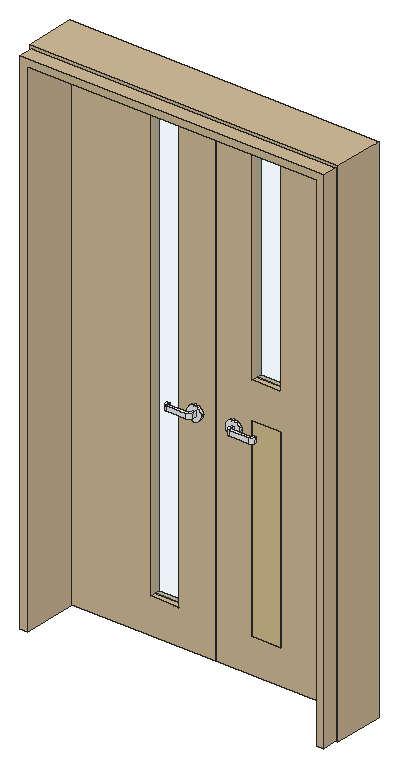
Revit family "Dor_木製-両開き戸", category ドア, Revit 2020
Family settings
  ホスト = 壁
  常に垂直 = はい
  ロード時にボイドで切り取り = はい
  共有 = いいえ
  部屋計算ポイント = いいえ
Parameters (values of type "木製-両開き戸")
  開口逃げ位置表示 [instance] = no
  金物_施錠方式(外) = ""
  金物_施錠方式(内) = ""
  金物_支持金物 = ""
  金物_操作金物 = ""
  金物_戸当り = ""
  金物_固定金物 = ""
  金物_フランス落し = ""
  金物_クローザー = ""
  逃げ_左 = 60 mm
  逃げ_右 = 60 mm
  解析用性能 = "<なし>"
  符号_建具記号 = ""
  符号_建具番号 = ""
  法_随時閉鎖 = yes
  法_防火性能 = ""
  法_遮煙 = yes
  法_常時閉鎖 = yes
  文字_ガラス厚 = ""
  建枠下延長 [instance] = 0 mm
  ラベル_遮煙 = if(法_遮煙, "S", " ")  # "S"
  ラベル_法囲み = if(法_常時閉鎖, "□", if(法_随時閉鎖, "〇", " "))  # "□"
  ドアパネルタイプ2 = DP_スリット窓 : スリット窓
  ドアパネルタイプ1 = DP_スリット窓+ガラリ : スリット窓+ガラリ
  スリット/小窓位置：戸先 [instance] = yes
  ガラス厚 = 6 mm
  オフセット_外側 [instance] = 50 mm
  calc_逃げ位置 [instance] = if(bWallThicknessOffset, calc_壁芯ずれ, 0 mm)  # 0 mm
  次による断熱プロパティの定義 = スキーマティック タイプ
  枠見付内_F01 = 30 mm
  calc_枠見込内 [instance] = if(and(枠ちり内 = 0 mm, オフセット_内側 = 0 mm), 1 mm, 0 mm)  # 0 mm
  calc_枠見付内 = if(枠タイプ = 1, 枠見付内_F01, if(枠タイプ = 2, 枠見付 + 戸当見付, if(枠タイプ = 3, 枠見付 + 戸当見付, 枠見付)))  # 30 mm
  文字_額縁材質 = ""
  文字_額縁仕上 = ""
  文字_沓摺材質 = ""
  文字_沓摺仕上 = ""
  文字_枠材質 = ""
  文字_枠仕上 = ""
  文字_建具材質 = ""
  文字_建具仕上 = ""
  文字_取付場所 = ""
  文字_備考 = ""
  文字_パネル厚 = ""
  文字_ガラリ材質 = ""
  文字_ガラリ仕上 = ""
  文字_ガラス材質 = ""
  文字_アンダーカット = ""
  性能_遮音 = ""
  性能_気密 = ""
  形状_沓摺形状 = ""
  形状_枠形状 = ""
  形状_建具形式 = ""
  形状_ガラリ形状 = ""
  仕上げ厚 [instance] = 0 mm
  calc_壁芯ずれ [instance] = オフセット_内側 / 2 + オフセット_外側 / 2  # 50 mm
  calc_仕上げ厚 [instance] = if(and(オフセット_内側 = 0 mm, 仕上げ厚 = 0 mm), 11 mm, 仕上げ厚)  # 0 mm
  マテリアル_沓摺 = none
  マテリアル_枠 = 木目 - ナチュラル
  マテリアル_パネル = 木目 - ナチュラル
  マテリアル_ガラリ = TD_ガラリ_簡易表示(木製)
  マテリアル_ガラス = ガラス - 透明
  パネル幅2 = パネル幅1 + LOCK  # 615 mm
  パネル幅1 = 幅 / 2 + 戸当見付  # 615 mm
  calc_パネル中心位置 = パネル厚 / 2 + LOCK  # 22.5 mm
  ハンドル表示 [instance] = yes
  Keynote = ""
  オフセット_内側 [instance] = 50 mm
  bWallThicknessOffset = no
  W寸法 = 1200 mm
  LOCK = 0 mm  # constant formula
  H寸法 = 2100 mm
  F02_片ひばた2 = 枠タイプ = 2  # no
  Function = (empty or 0)
  Description = ""
  枠タイプ = 1
  Rough Width = 0 mm
  高さ = H寸法 + LOCK  # 2100 mm
  枠見付 = 25 mm
  枠ちり外 = 10 mm
  枠ちり内 = 10 mm
  ハンドル_高さ = 900 mm
  ハンドル_オフセット = 80 mm
  戸当見込 = 20 mm
  戸当見付 = 15 mm
  Construction Type = ""
  Wall Closure = (empty or 0)
  幅 = W寸法 + LOCK  # 1200 mm
  Rough Height = 0 mm
  パネル高 = 高さ + 戸当見付 - アンダーカット  # 2110 mm
  パネル幅 = (幅 + 戸当見付 * 2) / 2  # 615 mm
  パネル厚 = 45 mm
  アンダーカット = 5 mm
  F01_片ひばた1 = 枠タイプ = 1  # yes
  F03_両ひばた = 枠タイプ = 3  # no
Reference planes
  plane 1: y = 0
  plane 2 "中心(左/右)": x = 0
  plane 3 "EXT.": y = 75
  plane 4 "内壁": y = -75
  plane 5 "左": x = -600
  plane 6 "右": x = 600
  plane 7 "上側": z = 2100
  plane 8: z = 0
  plane 9 "枠ちり外": y = 135
  plane 10 "左扉位置": x = -615
  plane 11 "枠外側左": x = -640
  plane 12 "枠内側左": x = -630
  plane 13 "仕上げ厚": y = -75
  plane 14 "右扉位置": x = 615
  plane 15 "枠外側右": x = 640
  plane 16 "枠内側右": x = 630
  plane 17: z = 2115
  plane 18 "枠見付_上": z = 2140
  plane 19 "枠見付内_上": z = 2130
  plane 20: y = 90
  plane 21: y = 70
  plane 22: x = -630
  plane 23: x = 630
  plane 24: z = 5
  plane 25 "オフセット": y = -125
  plane 26 "枠ちり内": y = -135
  plane 27 "パネル中心": y = 112.5
  plane 28: y = 65
  plane 29: y = -115
  plane 30: z = 2130
  plane 31: y = 65
  plane 32: y = -115
  plane 33 "枠見込み内": y = -75
  plane 34: y = -130
  plane 35: y = 112.5
  plane 36 "壁芯": y = -50
  plane 37: x = 307.5
  plane 38: x = -307.5
  plane 39: x = -80
  plane 40: x = 80
  plane 41: z = 900
  plane 42 "建枠下延長": z = 0
  plane 43: x = -645
  plane 44: x = 645
  plane 45 "オフセット外側": y = 125
  plane 46 "逃げ位置": y = 0
Forms (mm)
  Extrusion 1, void
    sketch origin (0, 0, 0) x (1, 0, 0) y (0, 1, 0)
      loop
        line (-630, -125) -> (630, -125) -> (630, -75) -> (-630, -75) -> (-630, -125)
    from 0 to 2130
  Extrusion 2, void
    sketch origin (0, 0, 0) x (1, 0, 0) y (0, 1, 0)
      loop
        line (-640, 75) -> (-640, -75) -> (640, -75) -> (640, 75) -> (-640, 75)
    from 0 to 2140
  Sweep 3, solid, material "木目 - ナチュラル" <- "マテリアル_枠", visible <- "F01_片ひばた1"
    path origin (0, 75, 0) x (1, 0, 0) y (0, 0, 1)
      loop
        line (600, 0) -> (600, 2100) -> (-600, 2100) -> (-600, 0)
    profile origin (600, 75, 1050) x (-1, 0, 0) y (0, -1, 0)
      loop
        line (-40, -60) -> (-15, -60) -> (-15, -15) -> (0, -15) -> (0, 210) -> (-30, 210) -> (-30, 150) -> (-40, 150) -> (-40, -60)
  Sweep 4, solid, material "木目 - ナチュラル" <- "マテリアル_枠", visible <- "F02_片ひばた2"
    path origin (0, 75, 0) x (1, 0, 0) y (0, 0, 1)
      loop
        line (600, 0) -> (600, 2100) -> (-600, 2100) -> (-600, 0)
    profile origin (600, 75, 1050) x (-1, 0, 0) y (0, -1, 0)
      loop
        line (-40, -60) -> (-15, -60) -> (-15, -15) -> (0, -15) -> (0, 210) -> (-40, 210) -> (-40, -60)
  Sweep 5, solid, material "木目 - ナチュラル" <- "マテリアル_枠", visible <- "F03_両ひばた"
    path origin (0, 75, 0) x (1, 0, 0) y (0, 0, 1)
      loop
        line (600, 0) -> (600, 2100) -> (-600, 2100) -> (-600, 0)
    profile origin (600, 75, 1050) x (-1, 0, 0) y (0, -1, 0)
      loop
        line (-40, -60) -> (-15, -60) -> (-15, -15) -> (0, -15) -> (0, 5) -> (-15, 5) -> (-15, 210) -> (-40, 210) -> (-40, -60)
Lines and regions (mm)
  Masking region 1
    outline origin (0, 0, 0) x (0, 1, 0) y (0, 0, 1)
      loop
        line (135, 2115) -> (90, 2115) -> (90, 5) -> (135, 5) -> (135, 2115)
  Masking region 2, visible <- "F02_片ひばた2"
    outline origin (0, 0, 0) x (0, 1, 0) y (0, 0, 1)
      loop
        line (65, 2130) -> (-115, 2130) -> (-135, 2130) -> (-135, 2100) -> (90, 2100) -> (90, 2115) -> (135, 2115) -> (135, 2130) -> (65, 2130)
  Masking region 3, visible <- "F02_片ひばた2"
    outline origin (0, 0, 0) x (0, 1, 0) y (0, 0, 1)
      loop
        line (90, 2100) -> (-135, 2100) -> (-135, 0) -> (90, 0) -> (90, 3) -> (90, 5) -> (90, 2100)
  Masking region 4, visible <- "F01_片ひばた1"
    outline origin (0, 0, 0) x (0, 1, 0) y (0, 0, 1)
      loop
        line (90, 2100) -> (-135, 2100) -> (-135, 0) -> (90, 0) -> (90, 3) -> (90, 5) -> (90, 2100)
  Masking region 5, visible <- "F01_片ひばた1"
    outline origin (0, 0, 0) x (0, 1, 0) y (0, 0, 1)
      loop
        line (65, 2140) -> (-75, 2140) -> (-75, 2130) -> (-115, 2130) -> (-135, 2130) -> (-135, 2100) -> (90, 2100) -> (90, 2115) -> (135, 2115) -> (135, 2140) -> (65, 2140)
  Masking region 6, visible <- "F03_両ひばた"
    outline origin (0, 0, 0) x (0, 1, 0) y (0, 0, 1)
      loop
        line (-135, 2115) -> (-135, 0) -> (90, 0) -> (90, 3) -> (90, 5) -> (90, 2100) -> (70, 2100) -> (70, 2115) -> (-135, 2115)
  Masking region 7, visible <- "F03_両ひばた"
    outline origin (0, 0, 0) x (0, 1, 0) y (0, 0, 1)
      loop
        line (65, 2130) -> (-115, 2130) -> (-135, 2130) -> (-135, 2115) -> (70, 2115) -> (70, 2100) -> (90, 2100) -> (90, 2115) -> (135, 2115) -> (135, 2130) -> (65, 2130)
  Masking region 8, visible <- "F01_片ひばた1", detail levels medium+fine
    outline origin (0, 0, 0) x (1, 0, 0) y (0, 1, 0)
      loop
        line (-640, -75) -> (-630, -75) -> (-630, -135) -> (-600, -135) -> (-600, 90) -> (-615, 90) -> (-615, 135) -> (-640, 135) -> (-640, -75)
      loop
        line (640, -75) -> (640, 135) -> (615, 135) -> (615, 90) -> (600, 90) -> (600, -135) -> (630, -135) -> (630, -75) -> (640, -75)
  Masking region 9, visible <- "F02_片ひばた2", detail levels medium+fine
    outline origin (0, 0, 0) x (1, 0, 0) y (0, 1, 0)
      loop
        line (-640, -135) -> (-600, -135) -> (-600, 90) -> (-615, 90) -> (-615, 135) -> (-640, 135) -> (-640, -135)
      loop
        line (640, -135) -> (640, 135) -> (615, 135) -> (615, 90) -> (600, 90) -> (600, -135) -> (640, -135)
  Masking region 10, detail levels coarse
    outline origin (0, 0, 0) x (1, 0, 0) y (0, 1, 0)
      loop
        line (-600, -130) -> (600, -130) -> (600, -125) -> (600, 125) -> (600, 130) -> (-600, 130) -> (-600, 125) -> (-600, -125) -> (-600, -130)
  Masking region 11, detail levels coarse
    outline origin (0, 0, 0) x (1, 0, 0) y (0, 1, 0)
      loop
        line (-645, 125) -> (-645, -125) -> (-600, -125) -> (-600, 125) -> (-645, 125)
      loop
        line (645, 125) -> (600, 125) -> (600, -125) -> (645, -125) -> (645, 125)
  Masking region 12, visible <- "F03_両ひばた", detail levels medium+fine
    outline origin (0, 0, 0) x (1, 0, 0) y (0, 1, 0)
      loop
        line (-640, -135) -> (-615, -135) -> (-615, 70) -> (-600, 70) -> (-600, 90) -> (-615, 90) -> (-615, 135) -> (-640, 135) -> (-640, -135)
      loop
        line (640, -135) -> (640, 135) -> (615, 135) -> (615, 90) -> (600, 90) -> (600, 70) -> (615, 70) -> (615, -135) -> (640, -135)
  symbolic lines
    curve 1: line (0, 185, 0) -> (0, -185, 0)
Text (mm)
  text "EXT." at (-2295.016, 1099.543, 0), in view "基準レベル"
  text "外部" at (0, 1615.38, 3698.081), in view "左"
  text "外部" at (0, 1036.032, 3874.932), in view "右"
  text "内部" at (0, -1175.082, 3874.932), in view "右"
  text "内部" at (-2295.016, -1087.353, 0), in view "基準レベル"
Dimensions and locks
  equal spacing: plane 5 "左", plane 2 "中心(左/右)", plane 6 "右"
  locked: plane 3 "EXT." to host wall
  locked: plane 4 "内壁" to host wall
  "幅": plane 5 "左" to plane 6 "右"
  "高さ": plane 8 to plane 7 "上側"
  "戸当見付": plane 10 "左扉位置" to plane 5 "左"
  "calc_枠見付内": plane 12 "枠内側左" to plane 5 "左"
  "枠見付": plane 11 "枠外側左" to plane 10 "左扉位置"
  "calc_仕上げ厚": plane 13 "仕上げ厚" to plane 4 "内壁"
  "枠見付": plane 15 "枠外側右" to plane 14 "右扉位置"
  "戸当見付": plane 7 "上側" to plane 17
  "枠見付": plane 17 to plane 18 "枠見付_上"
  "calc_枠見付内": plane 7 "上側" to plane 19 "枠見付内_上"
  "パネル厚": plane 9 "枠ちり外" to plane 20
  "戸当見込": plane 20 to plane 21
  "戸当見付": plane 6 "右" to plane 14 "右扉位置"
  "calc_枠見付内": plane 6 "右" to plane 16 "枠内側右"
  "枠見付内_F01": plane 22 to plane 5 "左"
  "枠見付内_F01": plane 6 "右" to plane 23
  "枠ちり内": plane 25 "オフセット" to plane 26 "枠ちり内"
  "オフセット_内側": plane 25 "オフセット" to plane 4 "内壁"
  "アンダーカット": plane 24 to plane 8
  locked: plane 3 "EXT." to Masking region 2 sketch curve at 10
  locked: Masking region 2 sketch curve to plane 25 "オフセット" at 10
  locked: plane 24 to Masking region 3 sketch curve at 2
  equal spacing: plane 9 "枠ちり外", plane 27 "パネル中心", plane 20
  locked: plane 3 "EXT." to plane 28 at 10
  locked: plane 29 to plane 25 "オフセット" at 10
  "枠見付内_F01": plane 7 "上側" to plane 30
  locked: curve 1 to plane 9 "枠ちり外" at 50
  locked: plane 26 "枠ちり内" to curve 1 at 50
  plane 4 "内壁" to plane 3 "EXT." = 150 mm
  locked: plane 31 to plane 3 "EXT." at 10
  locked: plane 32 to plane 25 "オフセット" at 10
  locked: plane 25 "オフセット" to plane 34 at 5
  "calc_壁芯ずれ": plane 36 "壁芯" to plane 1
  equal spacing: plane 2 "中心(左/右)", plane 37, plane 14 "右扉位置"
  equal spacing: plane 10 "左扉位置", plane 38, plane 2 "中心(左/右)"
  "ハンドル_高さ": plane 41 to plane 8
  "ハンドル_オフセット": plane 40 to plane 2 "中心(左/右)"
  "ハンドル_オフセット": plane 2 "中心(左/右)" to plane 39
  "建枠下延長": plane 42 "建枠下延長" to plane 8
  "calc_枠見込内": plane 4 "内壁" to plane 33 "枠見込み内"
  locked: plane 15 "枠外側右" to plane 44 at 5
  locked: plane 43 to plane 11 "枠外側左" at 5
  "枠ちり外": plane 9 "枠ちり外" to plane 45 "オフセット外側"
  "オフセット_外側": plane 3 "EXT." to plane 45 "オフセット外側"
  "calc_パネル中心位置": plane 9 "枠ちり外" to plane 35
  locked: Masking region 10 sketch curve to plane 45 "オフセット外側" at 5
  "calc_逃げ位置": plane 46 "逃げ位置" to host wall
  aligned and locked: plane 1 to host wall
  aligned and locked: level to plane 8
  aligned and locked: Extrusion 1 sketch curve to plane 12 "枠内側左"
  aligned and locked: plane 13 "仕上げ厚" to Extrusion 1 sketch curve
  aligned and locked: Extrusion 1 sketch curve to plane 16 "枠内側右"
  aligned and locked: Extrusion 2 sketch curve to host wall
  aligned and locked: plane 11 "枠外側左" to Extrusion 2 sketch curve
  aligned and locked: plane 13 "仕上げ厚" to Extrusion 2 sketch curve
  aligned and locked: plane 15 "枠外側右" to Extrusion 2 sketch curve
  aligned and locked: plane 18 "枠見付_上" to Extrusion 2
  aligned and locked: plane 7 "上側" to Sweep 3 sketch curve
  aligned and locked: plane 6 "右" to Sweep 3 sketch curve  (x2)
  aligned and locked: Sweep 3 sketch curve to plane 5 "左"
  aligned and locked: Sweep 3 sketch curve to plane 13 "仕上げ厚"
  aligned and locked: plane 9 "枠ちり外" to Sweep 3 sketch curve
  aligned and locked: plane 20 to Sweep 3 sketch curve
  aligned and locked: plane 14 "右扉位置" to Sweep 3 sketch curve
  aligned and locked: Sweep 3 sketch curve to plane 15 "枠外側右"
  aligned and locked: plane 15 "枠外側右" to Sweep 4 sketch curve
  aligned and locked: plane 14 "右扉位置" to Sweep 5 sketch curve  (x2)
  aligned and locked: Sweep 5 sketch curve to plane 21
  aligned and locked: plane 23 to Sweep 3 sketch curve
  aligned and locked: Sweep 3 sketch curve to plane 26 "枠ちり内"
  aligned and locked: Sweep 4 sketch curve to plane 26 "枠ちり内"
  aligned and locked: plane 20 to Sweep 4 sketch curve
  aligned and locked: Sweep 5 sketch curve to plane 26 "枠ちり内"
  aligned and locked: Extrusion 1 to plane 25 "オフセット"
  aligned and locked: plane 19 "枠見付内_上" to Extrusion 1
  aligned and locked: Sweep 4 to Masking region 1 sketch curve
  aligned and locked: plane 9 "枠ちり外" to Masking region 2 sketch curve
  aligned and locked: plane 19 "枠見付内_上" to Masking region 2 sketch curve  (x3)
  aligned and locked: Masking region 2 sketch curve to plane 26 "枠ちり内"
  aligned and locked: plane 7 "上側" to Masking region 2 sketch curve
  aligned and locked: plane 20 to Masking region 2 sketch curve
  aligned and locked: Masking region 2 sketch curve to plane 17
  aligned and locked: plane 7 "上側" to Masking region 3 sketch curve
  aligned and locked: plane 26 "枠ちり内" to Masking region 3 sketch curve
  aligned and locked: Masking region 3 sketch curve to plane 20  (x3)
  aligned and locked: plane 8 to Masking region 3 sketch curve
  aligned and locked: plane 20 to Masking region 5 sketch curve
  aligned and locked: Masking region 5 sketch curve to plane 26 "枠ちり内"
  aligned and locked: plane 7 "上側" to Masking region 5 sketch curve
  aligned and locked: Masking region 5 sketch curve to plane 17
  aligned and locked: plane 18 "枠見付_上" to Masking region 5 sketch curve  (x2)
  aligned and locked: Masking region 5 sketch curve to plane 30  (x2)
  aligned and locked: plane 30 to Masking region 5 sketch curve
  aligned and locked: plane 17 to Masking region 6 sketch curve
  aligned and locked: Masking region 6 sketch curve to plane 17
  aligned and locked: Masking region 6 sketch curve to plane 21
  aligned and locked: plane 7 "上側" to Masking region 6 sketch curve
  aligned and locked: plane 19 "枠見付内_上" to Masking region 7 sketch curve  (x3)
  aligned and locked: Masking region 7 sketch curve to plane 26 "枠ちり内"
  aligned and locked: plane 9 "枠ちり外" to Masking region 7 sketch curve
  aligned and locked: Masking region 7 sketch curve to plane 17  (x2)
  aligned and locked: plane 7 "上側" to Masking region 7 sketch curve
  aligned and locked: plane 20 to Masking region 7 sketch curve
  aligned and locked: Masking region 7 sketch curve to plane 21
  aligned and locked: Masking region 8 sketch curve to plane 9 "枠ちり外"
  aligned and locked: Masking region 8 sketch curve to plane 20
  aligned and locked: plane 26 "枠ちり内" to Masking region 8 sketch curve
  aligned and locked: plane 11 "枠外側左" to Masking region 8 sketch curve
  aligned and locked: plane 5 "左" to Masking region 8 sketch curve
  aligned and locked: plane 6 "右" to Masking region 8 sketch curve
  aligned and locked: Masking region 8 sketch curve to plane 15 "枠外側右"
  aligned and locked: plane 14 "右扉位置" to Masking region 8 sketch curve
  aligned and locked: Masking region 8 sketch curve to plane 13 "仕上げ厚"
  aligned and locked: Masking region 8 sketch curve to plane 22
  aligned and locked: plane 22 to Masking region 8 sketch curve
  aligned and locked: plane 23 to Masking region 8 sketch curve  (x2)
  aligned and locked: plane 5 "左" to Masking region 10 sketch curve
  aligned and locked: Masking region 10 sketch curve to plane 6 "右"
  aligned and locked: Masking region 10 to Masking region 11 sketch curve
  aligned and locked: plane 6 "右" to Masking region 11 sketch curve
  aligned and locked: plane 25 "オフセット" to Masking region 11 sketch curve
  aligned and locked: Masking region 11 sketch curve to plane 25 "オフセット"
  aligned and locked: plane 25 "オフセット" to Masking region 10 sketch curve  (x2)
  aligned and locked: Masking region 10 sketch curve to plane 34
  aligned and locked: plane 14 "右扉位置" to Masking region 12 sketch curve
  aligned and locked: plane 21 to Masking region 12 sketch curve  (x2)
  aligned and locked: Masking region 12 sketch curve to plane 21  (x2)
  aligned and locked: nested 1 to plane 9 "枠ちり外"
  aligned and locked: nested 1 to plane 14 "右扉位置"
  aligned and locked: plane 20 to Sweep 5 sketch curve
  aligned and locked: plane 9 "枠ちり外" to Sweep 5 sketch curve
  aligned and locked: plane 9 "枠ちり外" to Sweep 4 sketch curve
  aligned and locked: plane 38 to nested 3
  aligned and locked: nested 4 to plane 27 "パネル中心"
  aligned and locked: nested 3 to plane 27 "パネル中心"
  aligned and locked: nested 4 to plane 8
  aligned and locked: plane 8 to nested 3
  aligned and locked: nested 6 to plane 39
  aligned and locked: nested 5 to plane 27 "パネル中心"
  aligned and locked: plane 27 "パネル中心" to nested 6
  aligned and locked: nested 6 to plane 41
  aligned and locked: plane 41 to nested 5
  aligned and locked: plane 37 to nested 7
  aligned and locked: nested 7 to plane 8
  aligned and locked: plane 38 to nested 8
  aligned and locked: plane 8 to nested 8
  aligned and locked: plane 37 to nested 4
  aligned and locked: plane 42 "建枠下延長" to Sweep 5 sketch curve  (x2)
  aligned and locked: plane 42 "建枠下延長" to Sweep 4 sketch curve  (x2)
  aligned and locked: plane 42 "建枠下延長" to Sweep 3 sketch curve  (x2)
  aligned and locked: plane 13 "仕上げ厚" to Masking region 8 sketch curve  (x3)
  aligned and locked: plane 26 "枠ちり内" to Masking region 12 sketch curve  (x2)
  aligned and locked: Masking region 11 sketch curve to plane 43
  aligned and locked: Masking region 11 sketch curve to plane 44
  aligned and locked: plane 26 "枠ちり内" to Masking region 9 sketch curve  (x2)
  aligned and locked: plane 11 "枠外側左" to Masking region 9 sketch curve
  aligned and locked: plane 15 "枠外側右" to Masking region 9 sketch curve
  aligned and locked: plane 45 "オフセット外側" to Masking region 10 sketch curve  (x2)
  aligned and locked: plane 45 "オフセット外側" to Masking region 11 sketch curve
  aligned and locked: Masking region 11 sketch curve to plane 45 "オフセット外側"
  aligned and locked: nested 2 to plane 46 "逃げ位置"
Automatic sketch dimensions
  plane 5 "左" to Sweep 4 sketch curve = 0 mm
  plane 6 "右" to Sweep 4 sketch curve = 0 mm
  Sweep 4 sketch curve to plane 7 "上側" = 0 mm
  Sweep 4 sketch curve to profile plane = 0 mm
  profile plane to Sweep 4 sketch curve = 15 mm
  plane 5 "左" to Sweep 5 sketch curve = 0 mm
  plane 6 "右" to Sweep 5 sketch curve = 0 mm
  Sweep 5 sketch curve to plane 7 "上側" = 0 mm
  Sweep 5 sketch curve to profile plane = 0 mm
  profile plane to Sweep 5 sketch curve = 15 mm
  Sweep 5 sketch curve to Sweep 5 sketch curve = 25 mm
  Masking region 3 sketch curve to plane 24 = 0 mm
  plane 7 "上側" to Masking region 4 sketch curve = 0 mm
  Masking region 4 sketch curve to plane 26 "枠ちり内" = 0 mm
  Masking region 4 sketch curve to plane 20 = 0 mm
  Masking region 4 sketch curve to level = 0 mm
  Masking region 4 sketch curve to plane 24 = 0 mm
  Masking region 4 sketch curve to plane 24 = 2 mm
  Masking region 5 sketch curve to plane 29 = 0 mm
  Masking region 5 sketch curve to plane 13 "仕上げ厚" = 0 mm
  Masking region 5 sketch curve to plane 28 = 0 mm
  Masking region 5 sketch curve to plane 9 "枠ちり外" = 0 mm
  Masking region 6 sketch curve to plane 26 "枠ちり内" = 0 mm
  Masking region 6 sketch curve to plane 20 = 0 mm
  Masking region 6 sketch curve to level = 0 mm
  Masking region 6 sketch curve to plane 24 = 0 mm
  Masking region 6 sketch curve to plane 24 = 2 mm
  Masking region 7 sketch curve to plane 29 = 0 mm
  Masking region 7 sketch curve to plane 28 = 0 mm
  Masking region 8 sketch curve to plane 26 "枠ちり内" = 0 mm
  Masking region 8 sketch curve to plane 20 = 0 mm
  Masking region 8 sketch curve to plane 9 "枠ちり外" = 0 mm
  Masking region 9 sketch curve to plane 10 "左扉位置" = 0 mm
  Masking region 9 sketch curve to plane 5 "左" = 0 mm
  Masking region 9 sketch curve to plane 6 "右" = 0 mm
  Masking region 9 sketch curve to plane 14 "右扉位置" = 0 mm
  Masking region 9 sketch curve to plane 9 "枠ちり外" = 0 mm  (x2)
  Masking region 9 sketch curve to plane 20 = 0 mm  (x2)
  Masking region 12 sketch curve to plane 9 "枠ちり外" = 0 mm  (x2)
  Masking region 12 sketch curve to plane 10 "左扉位置" = 0 mm  (x2)
  Masking region 12 sketch curve to plane 5 "左" = 0 mm
  Masking region 12 sketch curve to plane 6 "右" = 0 mm
  Masking region 12 sketch curve to plane 14 "右扉位置" = 0 mm
  Masking region 12 sketch curve to plane 20 = 0 mm  (x2)
  curve 1 to plane 2 "中心(左/右)" = 0 mm
  host wall to Extrusion 1 sketch curve = 50 mm
  Masking region 1 sketch curve to plane 17 = 0 mm
  Masking region 1 sketch curve to plane 20 = 0 mm
  Masking region 1 sketch curve to plane 24 = 0 mm
  Masking region 8 sketch curve to plane 10 "左扉位置" = 0 mm
  Masking region 12 sketch curve to plane 11 "枠外側左" = 0 mm
  Masking region 12 sketch curve to plane 15 "枠外側右" = 0 mm
Nested families
  nested 1: "平面_両開き戸" at (0, 135, 0), type "平面_両開き戸"
    with 開口幅 1200 mm, パネル幅2_簡易 600 mm, パネル幅2 615 mm, パネル幅1_簡易 600 mm, パネル幅1 615 mm, パネル厚 45 mm
  nested 2: "平面_逃げ位置" at (0, 0, 0), visible <- "開口逃げ位置表示", 幅 <- "幅", 逃げ_右 <- "逃げ_右", 逃げ_左 <- "逃げ_左", type "平面_逃げ位置"
    with 逃げ_左 60 mm, 逃げ_右 60 mm, 幅 1200 mm
  nested 3: "DP_スリット窓" at (-307.5, 112.5, 0), マテリアル_パネル <- "マテリアル_パネル", 幅 <- "パネル幅1", 高さ <- "パネル高", Thickness <- "パネル厚", アンダーカット <- "アンダーカット", マテリアル_ガラス <- "マテリアル_ガラス", マテリアル_ガラリ <- "マテリアル_ガラリ", スリット/小窓位置：戸先 <- "スリット/小窓位置：戸先", type <- "ドアパネルタイプ2", ガラス厚 <- "ガラス厚", type "スリット窓"
    with 高さ 2110 mm, 幅 615 mm, built-in parameter 1001302 45 mm, マテリアル_パネル 木目 - ナチュラル, マテリアル_ガラリ TD_ガラリ_簡易表示(木製), マテリアル_ガラス ガラス - 透明, スリット/小窓位置：戸先 yes, スリット/小窓位置：中央 no, ガラス厚 6 mm, アンダーカット 5 mm, calc_窓位置_戸尻 345 mm, calc_窓位置_戸先 150 mm, calc_窓H 1845 mm
  nested 4: "DP_スリット窓+ガラリ" at (307.5, 112.5, 0) x (-1, 0, 0) z (0, 0, 1), マテリアル_パネル <- "マテリアル_パネル", 幅 <- "パネル幅1", 高さ <- "パネル高", Thickness <- "パネル厚", type <- "ドアパネルタイプ1", マテリアル_ガラス <- "マテリアル_ガラス", アンダーカット <- "アンダーカット", マテリアル_ガラリ <- "マテリアル_ガラリ", スリット/小窓位置：戸先 <- "スリット/小窓位置：戸先", ガラス厚 <- "ガラス厚", type "スリット窓+ガラリ"
    with 高さ 2110 mm, 幅 615 mm, built-in parameter 1001302 45 mm, マテリアル_パネル 木目 - ナチュラル, マテリアル_ガラリ TD_ガラリ_簡易表示(木製), マテリアル_ガラス ガラス - 透明, スリット/小窓位置：戸先 yes, スリット/小窓位置：中央 no, ガラス厚 6 mm, アンダーカット 5 mm, calc_窓位置_戸尻 345 mm, calc_窓位置_戸先 150 mm, calc_窓H 895 mm
  nested 5: "Ha_ハンドル" at (80, 112.5, 900), visible <- "ハンドル表示", type "Ha_ハンドル"
    with パネル厚 45 mm
  nested 6: "Ha_ハンドル" at (-80, 112.5, 900) x (-1, 0, 0) z (0, 0, 1), visible <- "ハンドル表示", type "Ha_ハンドル"
    with パネル厚 45 mm
  nested 7: "立面_スイング_開き戸" at (307.5, -75, 0) x (1, 0, 0) z (0, -1, 0), パネル幅 <- "パネル幅1", パネル高 <- "パネル高", アンダーカット <- "アンダーカット", type "立面_スイング_開き戸"
    with パネル高 2110 mm, パネル幅 615 mm, アンダーカット 5 mm
  nested 8: "立面_スイング_開き戸" at (-307.5, -75, 0) x (-1, 0, 0) z (0, -1, 0), パネル幅 <- "パネル幅1", パネル高 <- "パネル高", アンダーカット <- "アンダーカット", type "立面_スイング_開き戸"
    with パネル高 2110 mm, パネル幅 615 mm, アンダーカット 5 mm
Definition of nested family "DP_スリット窓"
  Parameters (values of type "スリット窓")
    Height [instance] = 1995 mm
    Analytic Construction = "<なし>"
    窓位置_下 = 150 mm
    窓位置_上 = 120 mm
    Define Thermal Properties by = 1
    マテリアル_パネル [instance] = none
    マテリアル_ガラリ [instance] = none
    マテリアル_ガラス [instance] = none
    スリット/小窓位置：戸先 [instance] = yes
    スリット/小窓位置：中央 [instance] = not([スリット/小窓位置：戸先])  # no
    アンダーカット [instance] = 5 mm
    calc_窓位置_戸先 [instance] = if([スリット/小窓位置：戸先], 窓位置_戸先寄り, (Width - 窓W) / 2)  # 150 mm
    Width [instance] = 800 mm
    窓位置_戸先寄り = 150 mm
    calc_窓位置_戸尻 [instance] = if([スリット/小窓位置：戸先], Width - 窓W - 窓位置_戸先寄り, calc_窓位置_戸先)  # 530 mm
    Thickness [instance] = 40 mm
    calc_窓H [instance] = (Height + アンダーカット) - 窓位置_下 - 窓位置_上  # 1730 mm
    窓W = 120 mm
    ガラス厚 [instance] = 6 mm
  Reference planes
    plane 1 "中心(正面/背面)": y = 0
    plane 2 "下": z = 0
    plane 3 "中心(左/右)": x = 0
    plane 4 "右": x = 400
    plane 5 "左": x = -400
    plane 6 "前面": y = 20
    plane 7 "背面": y = -20
    plane 8 "上": z = 2000
    plane 9 "戸先": x = 250
    plane 10 "框下": z = 150
    plane 11 "框上": z = 1880
    plane 12 "ガラス幅": x = 130
    plane 13 "窓中央": x = 190
    plane 14: z = 5
  Forms (mm)
    Extrusion 1, solid, material <- "マテリアル_パネル"
      sketch origin (0, 0, 0) x (1, 0, 0) y (0, 0, 1)
        loop
          line (-400, 2000) -> (-400, 5) -> (400, 5) -> (400, 2000) -> (-400, 2000)
        loop
          line (130, 1880) -> (130, 150) -> (250, 150) -> (250, 1880) -> (130, 1880)
      from -20 to 20
  Dimensions and locks
    equal spacing: plane 5 "左", plane 3 "中心(左/右)", plane 4 "右"
    "Width": plane 5 "左" to plane 4 "右"
    equal spacing: plane 6 "前面", plane 1 "中心(正面/背面)", plane 7 "背面"
    "Thickness": plane 6 "前面" to plane 7 "背面"
    "calc_窓位置_戸先": plane 4 "右" to plane 9 "戸先"
    "窓位置_上": plane 8 "上" to plane 11 "框上"
    "窓位置_下": plane 10 "框下" to level
    "窓W": plane 9 "戸先" to plane 12 "ガラス幅"
    equal spacing: plane 12 "ガラス幅", plane 13 "窓中央", plane 9 "戸先"
    "アンダーカット": plane 14 to plane 2 "下"
    "Height": plane 8 "上" to plane 14
    aligned and locked: level to plane 2 "下"
    aligned and locked: Extrusion 1 sketch curve to plane 8 "上"
    aligned and locked: plane 5 "左" to Extrusion 1 sketch curve
    aligned and locked: Extrusion 1 sketch curve to plane 4 "右"
    aligned and locked: plane 6 "前面" to Extrusion 1
    aligned and locked: Extrusion 1 to plane 7 "背面"
    aligned and locked: plane 11 "框上" to Extrusion 1 sketch curve
    aligned and locked: plane 12 "ガラス幅" to Extrusion 1 sketch curve
    aligned and locked: Extrusion 1 sketch curve to plane 10 "框下"
    aligned and locked: Extrusion 1 sketch curve to plane 9 "戸先"
    aligned and locked: nested 1 to plane 1 "中心(正面/背面)"
    aligned and locked: plane 13 "窓中央" to nested 1
    aligned and locked: plane 14 to Extrusion 1 sketch curve
  Nested families
    nested 1: "DPw_ガラス" at (190, 15, 150), Width <- "窓W", Height <- "calc_窓H", built-in parameter 1001364 <- "窓位置_下", Thickness <- "ガラス厚", マテリアル_ガラス <- "マテリアル_ガラス", type "ガラス"
      with Height 1730 mm, Width 120 mm, Thickness 6 mm, マテリアル_ガラス none
  Definition of nested family "DPw_ガラス"
    Parameters (values of type "DPw_ガラス")
      Define Thermal Properties by = 1
      Visual Light Transmittance = 0.9
      Solar Heat Gain Coefficient = 0.78
      Height [instance] = 1000 mm
      Heat Transfer Coefficient (U) = 3.6886 W/(m²·K)
      Width [instance] = 800 mm
      Analytic Construction = "1/8 インチ ピルキントン一重ガラス"
      Thickness [instance] = 6 mm
      マテリアル_ガラス [instance] = none
    Reference planes
      plane 1 "中心(正面/背面)": y = -15
      plane 2 "下": z = 0
      plane 3 "中心(左/右)": x = 0
      plane 4 "左": x = -400
      plane 5 "右": x = 400
      plane 6 "上": z = 1000
      plane 7: y = -12
      plane 8: y = -18
      plane 9: z = 500
    Forms (mm)
      Extrusion 1, solid, material <- "マテリアル_ガラス"
        sketch origin (0, -15, 0) x (1, 0, 0) y (0, 0, 1)
          loop
            line (-400, 0) -> (400, 0) -> (400, 1000) -> (-400, 1000) -> (-400, 0)
        from -3 to 3
    Lines and regions (mm)
      symbolic lines, detail levels medium+fine
        curve 1: line (400, -15, 0) -> (-400, -15, 0)
      symbolic lines, detail levels fine
        curve 2: line (0, -15, 1000) -> (0, -15, 0)
    Dimensions and locks
      equal spacing: plane 4 "左", plane 3 "中心(左/右)", plane 5 "右"
      "Width": plane 4 "左" to plane 5 "右"
      "Height": plane 6 "上" to plane 2 "下"
      equal spacing: plane 6 "上", plane 9, plane 2 "下"
      "Thickness": plane 8 to plane 7
      equal spacing: plane 8, plane 1 "中心(正面/背面)", plane 7
      plane 2 "下" to level = 0 mm
      aligned and locked: plane 5 "右" to Extrusion 1
      aligned and locked: Extrusion 1 to plane 4 "左"
      aligned and locked: Extrusion 1 to plane 7
      aligned and locked: plane 8 to Extrusion 1
      aligned and locked: curve 1 to plane 1 "中心(正面/背面)"
      aligned and locked: plane 4 "左" to curve 1
      aligned and locked: Extrusion 1 to curve 1
      aligned and locked: plane 6 "上" to Extrusion 1
      aligned and locked: plane 2 "下" to curve 2
      aligned and locked: plane 6 "上" to curve 2
      aligned and locked: Extrusion 1 to plane 2 "下"
    Automatic sketch dimensions
      Extrusion 1 sketch curve to plane 4 "左" = 0 mm
      Extrusion 1 sketch curve to plane 5 "右" = 0 mm
      level to Extrusion 1 sketch curve = 0 mm
      Extrusion 1 sketch curve to plane 6 "上" = 0 mm
      curve 2 to plane 1 "中心(正面/背面)" = 0 mm
Definition of nested family "DP_スリット窓+ガラリ"
  Parameters (values of type "スリット窓+ガラリ")
    Height [instance] = 1995 mm
    Analytic Construction = "<なし>"
    Define Thermal Properties by = 1
    マテリアル_パネル [instance] = none
    マテリアル_ガラリ [instance] = none
    マテリアル_ガラス [instance] = none
    スリット/小窓位置：戸先 [instance] = yes
    スリット/小窓位置：中央 [instance] = not([スリット/小窓位置：戸先])  # no
    アンダーカット [instance] = 5 mm
    calc_窓H [instance] = (Height + アンダーカット) - 窓腰高 - 窓位置_上  # 780 mm
    ガラリH = 800 mm
    ガラリ位置_下 = 150 mm
    窓位置_上 = 120 mm
    calc_窓位置_戸先 [instance] = if([スリット/小窓位置：戸先], 窓位置_戸先寄り, if([スリット/小窓位置：中央], (Width - 窓W) / 2, Width - 窓W - 窓位置_戸先寄り))  # 150 mm
    Width [instance] = 800 mm
    窓位置_戸先寄り = 150 mm
    calc_窓位置_戸尻 [instance] = if([スリット/小窓位置：戸先], Width - 窓W - 窓位置_戸先寄り, if([スリット/小窓位置：中央], calc_窓位置_戸先, 窓位置_戸先寄り))  # 530 mm
    Thickness [instance] = 40 mm
    窓腰高 = 1100 mm
    窓W = 120 mm
    ガラス厚 [instance] = 6 mm
  Reference planes
    plane 1 "中心(正面/背面)": y = 0
    plane 2 "下": z = 0
    plane 3 "中心(左/右)": x = 0
    plane 4 "右": x = 400
    plane 5 "左": x = -400
    plane 6 "前面": y = 20
    plane 7 "背面": y = -20
    plane 8 "上": z = 2000
    plane 9 "戸先": x = 250
    plane 10 "框下": z = 150
    plane 11 "框上": z = 1880
    plane 12 "ガラス幅": x = 130
    plane 13 "ガラス腰": z = 1100
    plane 14 "ガラリ上": z = 950
    plane 15: x = 190
    plane 16: z = 5
  Forms (mm)
    Extrusion 1, solid, material <- "マテリアル_パネル"
      sketch origin (0, 0, 0) x (1, 0, 0) y (0, 0, 1)
        loop
          line (-400, 2000) -> (-400, 5) -> (400, 5) -> (400, 2000) -> (-400, 2000)
      from -20 to 20
    Extrusion 2, solid, material <- "マテリアル_ガラリ"
      sketch origin (0, 0, -820) x (1, 0, 0) y (0, 0, 1)
        loop
          line (130, 1770) -> (130, 970) -> (250, 970) -> (250, 1770) -> (130, 1770)
      from -20 to 20
    Extrusion 3, void
      sketch origin (-240, 0, 0) x (1, 0, 0) y (0, 0, 1)
        loop
          line (370, 1880) -> (370, 1100) -> (490, 1100) -> (490, 1880) -> (370, 1880)
      from -20 to 20
    Extrusion 4, void
      sketch origin (-240, 0, -840) x (1, 0, 0) y (0, 0, 1)
        loop
          line (370, 1790) -> (370, 990) -> (490, 990) -> (490, 1790) -> (370, 1790)
      from -20 to 20
  Cuts and joins
    Extrusion 3, Extrusion 4 cuts Extrusion 1
  Dimensions and locks
    equal spacing: plane 5 "左", plane 3 "中心(左/右)", plane 4 "右"
    "Width": plane 5 "左" to plane 4 "右"
    equal spacing: plane 6 "前面", plane 1 "中心(正面/背面)", plane 7 "背面"
    "Thickness": plane 6 "前面" to plane 7 "背面"
    "calc_窓位置_戸先": plane 4 "右" to plane 9 "戸先"
    "窓位置_上": plane 8 "上" to plane 11 "框上"
    "ガラリ位置_下": plane 10 "框下" to level
    "窓W": plane 9 "戸先" to plane 12 "ガラス幅"
    "窓腰高": plane 13 "ガラス腰" to level
    equal spacing: plane 12 "ガラス幅", plane 15, plane 9 "戸先"
    "アンダーカット": plane 16 to plane 2 "下"
    "ガラリH": plane 14 "ガラリ上" to plane 10 "框下"
    "Height": plane 8 "上" to plane 16
    aligned and locked: level to plane 2 "下"
    aligned and locked: Extrusion 1 sketch curve to plane 8 "上"
    aligned and locked: plane 5 "左" to Extrusion 1 sketch curve
    aligned and locked: Extrusion 1 sketch curve to plane 4 "右"
    aligned and locked: plane 6 "前面" to Extrusion 1
    aligned and locked: Extrusion 1 to plane 7 "背面"
    aligned and locked: Extrusion 2 sketch curve to plane 14 "ガラリ上"
    aligned and locked: Extrusion 2 to plane 7 "背面"
    aligned and locked: plane 6 "前面" to Extrusion 2
    aligned and locked: Extrusion 2 sketch curve to plane 9 "戸先"
    aligned and locked: plane 12 "ガラス幅" to Extrusion 2 sketch curve
    aligned and locked: plane 9 "戸先" to Extrusion 3
    aligned and locked: Extrusion 3 to plane 12 "ガラス幅"
    aligned and locked: Extrusion 3 to plane 11 "框上"
    aligned and locked: plane 13 "ガラス腰" to Extrusion 3
    aligned and locked: plane 6 "前面" to Extrusion 3
    aligned and locked: Extrusion 3 to plane 7 "背面"
    aligned and locked: plane 14 "ガラリ上" to cut or joined group of Extrusion 1, Extrusion 3, Extrusion 4
    aligned and locked: plane 10 "框下" to cut or joined group of Extrusion 1, Extrusion 3, Extrusion 4
    aligned and locked: plane 9 "戸先" to cut or joined group of Extrusion 1, Extrusion 3, Extrusion 4
    aligned and locked: cut or joined group of Extrusion 1, Extrusion 3, Extrusion 4 to plane 12 "ガラス幅"
    aligned and locked: plane 6 "前面" to cut or joined group of Extrusion 1, Extrusion 3, Extrusion 4
    aligned and locked: cut or joined group of Extrusion 1, Extrusion 3, Extrusion 4 to plane 7 "背面"
    aligned and locked: plane 15 to nested 1
    aligned and locked: nested 1 to plane 1 "中心(正面/背面)"
    aligned and locked: plane 16 to Extrusion 1 sketch curve
  Automatic sketch dimensions
    Extrusion 2 sketch curve to plane 10 "框下" = 0 mm
    Extrusion 3 sketch curve to plane 12 "ガラス幅" = 0 mm
    Extrusion 3 sketch curve to plane 9 "戸先" = 0 mm
    Extrusion 3 sketch curve to plane 13 "ガラス腰" = 0 mm
    Extrusion 3 sketch curve to plane 11 "框上" = 0 mm
    Extrusion 4 sketch curve to plane 12 "ガラス幅" = 0 mm
    Extrusion 4 sketch curve to plane 9 "戸先" = 0 mm
    Extrusion 4 sketch curve to plane 10 "框下" = 0 mm
    plane 13 "ガラス腰" to Extrusion 4 sketch curve = 150 mm
  Nested families
    nested 1: "DPw_ガラス" at (190, 15, 1100), built-in parameter 1001364 <- "窓腰高", Height <- "calc_窓H", Width <- "窓W", Thickness <- "ガラス厚", マテリアル_ガラス <- "マテリアル_ガラス", type "ガラス"
      with Height 780 mm, Width 120 mm, Thickness 6 mm, マテリアル_ガラス none
  Definition of nested family "DPw_ガラス"
    Parameters (values of type "DPw_ガラス")
      Define Thermal Properties by = 1
      Visual Light Transmittance = 0.9
      Solar Heat Gain Coefficient = 0.78
      Height [instance] = 1000 mm
      Heat Transfer Coefficient (U) = 3.6886 W/(m²·K)
      Width [instance] = 800 mm
      Analytic Construction = "1/8 インチ ピルキントン一重ガラス"
      Thickness [instance] = 6 mm
      マテリアル_ガラス [instance] = none
    Reference planes
      plane 1 "中心(正面/背面)": y = -15
      plane 2 "下": z = 0
      plane 3 "中心(左/右)": x = 0
      plane 4 "左": x = -400
      plane 5 "右": x = 400
      plane 6 "上": z = 1000
      plane 7: y = -12
      plane 8: y = -18
      plane 9: z = 500
    Forms (mm)
      Extrusion 1, solid, material <- "マテリアル_ガラス"
        sketch origin (0, -15, 0) x (1, 0, 0) y (0, 0, 1)
          loop
            line (-400, 0) -> (400, 0) -> (400, 1000) -> (-400, 1000) -> (-400, 0)
        from -3 to 3
    Lines and regions (mm)
      symbolic lines, detail levels medium+fine
        curve 1: line (400, -15, 0) -> (-400, -15, 0)
      symbolic lines, detail levels fine
        curve 2: line (0, -15, 1000) -> (0, -15, 0)
    Dimensions and locks
      equal spacing: plane 4 "左", plane 3 "中心(左/右)", plane 5 "右"
      "Width": plane 4 "左" to plane 5 "右"
      "Height": plane 6 "上" to plane 2 "下"
      equal spacing: plane 6 "上", plane 9, plane 2 "下"
      "Thickness": plane 8 to plane 7
      equal spacing: plane 8, plane 1 "中心(正面/背面)", plane 7
      plane 2 "下" to level = 0 mm
      aligned and locked: plane 5 "右" to Extrusion 1
      aligned and locked: Extrusion 1 to plane 4 "左"
      aligned and locked: Extrusion 1 to plane 7
      aligned and locked: plane 8 to Extrusion 1
      aligned and locked: curve 1 to plane 1 "中心(正面/背面)"
      aligned and locked: plane 4 "左" to curve 1
      aligned and locked: Extrusion 1 to curve 1
      aligned and locked: plane 6 "上" to Extrusion 1
      aligned and locked: plane 2 "下" to curve 2
      aligned and locked: plane 6 "上" to curve 2
      aligned and locked: Extrusion 1 to plane 2 "下"
    Automatic sketch dimensions
      Extrusion 1 sketch curve to plane 4 "左" = 0 mm
      Extrusion 1 sketch curve to plane 5 "右" = 0 mm
      level to Extrusion 1 sketch curve = 0 mm
      Extrusion 1 sketch curve to plane 6 "上" = 0 mm
      curve 2 to plane 1 "中心(正面/背面)" = 0 mm
Definition of nested family "Ha_ハンドル"
  Parameters (values of type "Ha_ハンドル")
    Analytic Construction = "<なし>"
    Define Thermal Properties by = 1
    ハンドル = none
    パネル厚 = 40 mm
    Keynote = "08730.A5"
    Function = (empty or 0)
  Reference planes
    plane 1 "中心(正面/背面)": y = 0
    plane 2: z = 0
    plane 3 "中心(左/右)": x = 0
    plane 4: y = 20
    plane 5: y = -20
    plane 6: x = 100
    plane 7: y = 30
    plane 8: y = 55
  Forms (mm)
    Extrusion 1, solid, material <- "ハンドル"
      sketch origin (0, 0, 0) x (1, 0, 0) y (0, 0, 1)
        loop
          circle (0, 0) r 30
      from 20 to 30
    Sweep 2, solid, material <- "ハンドル"
      path origin (0, 5, 0) x (1, 0, 0) y (0, 1, 0)
        loop
          line (0, -35) -> (0, -50)
          arc (0, -50) -> (2.929, -57.071) -> (10, -60) r 10
          line (10, -60) -> (90, -60)
          arc (90, -60) -> (97.071, -57.071) -> (100, -50) r 10
          line (100, -50) -> (100, -45)
      profile origin (0, -37.5, 0) x (1, 0, 0) y (0, 0, 1)
        loop
          line (-5, -10) -> (5, -10) -> (5, 10) -> (-5, 10) -> (-5, -10)
    Extrusion 3, solid, material <- "ハンドル"
      sketch origin (0, 0, 0) x (1, 0, 0) y (0, 0, -1)
        loop
          circle (0, 0) r 30
      from 20 to 30
    Sweep 4, solid, material <- "ハンドル"
      path origin (0, -5, 0) x (1, 0, 0) y (0, -1, 0)
        loop
          line (0, -35) -> (0, -50)
          arc (0, -50) -> (2.929, -57.071) -> (10, -60) r 10
          line (10, -60) -> (90, -60)
          arc (90, -60) -> (97.071, -57.071) -> (100, -50) r 10
          line (100, -50) -> (100, -45)
      profile origin (0, 37.5, 0) x (-1, 0, 0) y (0, 0, 1)
        loop
          line (5, -10) -> (5, 10) -> (-5, 10) -> (-5, -10) -> (5, -10)
  Dimensions and locks
    equal spacing: plane 5, plane 1 "中心(正面/背面)", plane 4
    "パネル厚": plane 5 to plane 4
    locked: Extrusion 1 to plane 5 at 10
    equal spacing: Sweep 2 sketch curve, plane 3 "中心(左/右)", Sweep 2 sketch curve
    equal spacing: Sweep 2 sketch curve, level, Sweep 2 sketch curve
    locked: plane 7 to plane 4 at 10
    locked: plane 8 to plane 4 at 35
    Sweep 4 sketch curve to Sweep 4 sketch curve = 10 mm
    Sweep 4 sketch curve to Sweep 4 sketch curve = 20 mm
    aligned and locked: Extrusion 1 to plane 5
    aligned and locked: Extrusion 1 to Sweep 2 sketch curve
    aligned and locked: plane 7 to Extrusion 3
    aligned and locked: plane 4 to Extrusion 3
  Automatic sketch dimensions
    Extrusion 1 sketch curve to level = 0 mm
    Extrusion 1 sketch curve to plane 3 "中心(左/右)" = 0 mm
    Sweep 2 sketch curve to plane 3 "中心(左/右)" = 0 mm
    Sweep 2 sketch curve to plane 6 = 0 mm
    plane 3 "中心(左/右)" to Sweep 2 sketch curve = 10 mm
    Sweep 2 sketch curve to plane 6 = 10 mm
    plane 5 to Sweep 2 sketch curve = 20 mm
    Sweep 2 sketch curve to Sweep 2 sketch curve = 5 mm
    profile plane to Sweep 2 sketch curve = 5 mm
    Sweep 2 sketch curve to level = 10 mm
    Extrusion 3 sketch curve to level = 0 mm
    Extrusion 3 sketch curve to plane 3 "中心(左/右)" = 0 mm
    Sweep 4 sketch curve to plane 3 "中心(左/右)" = 0 mm
    Sweep 4 sketch curve to plane 8 = 0 mm
    Sweep 4 sketch curve to plane 6 = 0 mm
    Sweep 4 sketch curve to plane 7 = 0 mm
    Sweep 4 sketch curve to plane 3 "中心(左/右)" = 10 mm
    plane 6 to Sweep 4 sketch curve = 10 mm
    Sweep 4 sketch curve to Sweep 4 sketch curve = 5 mm
    profile plane to Sweep 4 sketch curve = 5 mm
    Sweep 4 sketch curve to profile plane = 5 mm
    Sweep 4 sketch curve to level = 10 mm
    level to Sweep 4 sketch curve = 10 mm
    radius of Extrusion 1 sketch curve = 30 mm
    radius of Extrusion 3 sketch curve = 30 mm
Definition of nested family "平面_両開き戸"
  Parameters (values of type "平面_両開き戸")
    開口幅 = 1500 mm
    枠ちり外 = 10 mm
    戸当見付 = 15 mm
    パネル幅2_簡易 = パネル幅1_簡易  # 750 mm
    パネル幅2 = パネル幅1  # 765 mm
    パネル幅1_簡易 = 開口幅 / 2  # 750 mm
    パネル幅1 = (開口幅 + 戸当見付 * 2) / 2  # 765 mm
    パネル厚 = 50 mm
  Reference planes
    plane 1 "中心(正面/背面)": y = 0
    plane 2: z = 0
    plane 3 "中心(左/右)": x = 0
    plane 4: x = -750
    plane 5: x = 750
    plane 6: x = -765
    plane 7: x = 765
    plane 8: y = -50
    plane 9: y = -10
    plane 10: y = 765
    plane 11: y = 740
  Lines and regions (mm)
    Masking region 1, in view "基準レベル", detail levels medium+fine
      outline origin (0, 0, 0) x (1, 0, 0) y (0, 1, 0)
        loop
          line (0, -50) -> (765, -50) -> (765, 0) -> (0, 0) -> (0, -50)
    Masking region 2, in view "基準レベル", detail levels medium+fine
      outline origin (0, 0, 0) x (0, 1, 0) y (-1, 0, 0)
        loop
          line (-50, 0) -> (0, 0) -> (0, 765) -> (-50, 765) -> (-50, 0)
    detail lines, in view "基準レベル", detail levels coarse
      curve 1: line (750, -10, 0) -> (750, 740, 0)
      curve 2: arc (0, -10, 0) -> (219.67, 520.33, 0) -> (750, 740, 0) r 750
      curve 3: line (-750, -10, 0) -> (-750, 740, 0)
      curve 4: arc (0, -10, 0) -> (-219.67, 520.33, 0) -> (-750, 740, 0) r 750
    detail lines, in view "基準レベル", detail levels medium+fine
      curve 5: line (765, 0, 0) -> (765, 765, 0)
      curve 6: line (-765, 0, 0) -> (-765, 764.946, 0)
      curve 7: arc (0.068, 0.068, 0) -> (224.111, 540.956, 0) -> (765, 765, 0) r 764.932
      curve 8: arc (-0.067, 0.013, 0) -> (-224.111, 540.903, 0) -> (-765, 764.946, 0) r 764.933
  Dimensions and locks
    equal spacing: plane 4, plane 3 "中心(左/右)", plane 5
    "開口幅": plane 4 to plane 5
    "戸当見付": plane 6 to plane 4
    "戸当見付": plane 5 to plane 7
    "パネル厚": plane 8 to plane 1 "中心(正面/背面)"
    "枠ちり外": plane 9 to plane 1 "中心(正面/背面)"
    "パネル幅1": plane 1 "中心(正面/背面)" to plane 10
    "パネル幅1_簡易": plane 11 to plane 9
    aligned and locked: Masking region 1 sketch curve to plane 8
    aligned and locked: Masking region 1 sketch curve to plane 1 "中心(正面/背面)"
    aligned and locked: plane 7 to Masking region 1 sketch curve
    aligned and locked: Masking region 1 to plane 3 "中心(左/右)"
    aligned and locked: Masking region 2 to plane 6
    aligned and locked: plane 7 to Masking region 1
    aligned and locked: plane 3 "中心(左/右)" to Masking region 2
    aligned and locked: plane 11 to curve 1
    aligned and locked: plane 9 to curve 1
    aligned and locked: plane 5 to curve 1
    aligned and locked: plane 9 to curve 2
    aligned and locked: plane 11 to curve 3
    aligned and locked: plane 9 to curve 3
    aligned and locked: plane 4 to curve 3
    aligned and locked: plane 1 "中心(正面/背面)" to curve 6
    aligned and locked: plane 10 to curve 5
    aligned and locked: plane 1 "中心(正面/背面)" to curve 5
    aligned and locked: plane 7 to curve 5
    aligned and locked: plane 6 to curve 6
  Automatic sketch dimensions
    Masking region 1 sketch curve to plane 3 "中心(左/右)" = 0 mm
    Masking region 2 sketch curve to plane 6 = 0 mm
    Masking region 2 sketch curve to plane 8 = 0 mm
    plane 1 "中心(正面/背面)" to Masking region 2 sketch curve = 0 mm
    Masking region 2 sketch curve to plane 3 "中心(左/右)" = 0 mm
    curve 8 to plane 1 "中心(正面/背面)" = 0.013 mm
Definition of nested family "平面_逃げ位置"
  Parameters (values of type "平面_逃げ位置")
    逃げ_左 [instance] = 40 mm
    逃げ_右 [instance] = 40 mm
    幅 [instance] = 1000 mm
  Reference planes
    plane 1 "中心(正面/背面)": y = 0
    plane 2: z = 0
    plane 3 "中心(左/右)": x = 0
    plane 4: x = -500
    plane 5: x = 500
    plane 6: x = 540
    plane 7: x = -540
    plane 8: y = -30
    plane 9: y = 30
  Lines and regions (mm)
    detail lines, in view "基準レベル"
      curve 1: line (-540, 30, 0) -> (-540, -30, 0)
      curve 2: line (540, 30, 0) -> (540, -30, 0)
  Dimensions and locks
    equal spacing: plane 4, plane 3 "中心(左/右)", plane 5
    "幅": plane 4 to plane 5
    plane 9 to plane 8 = 60 mm
    equal spacing: plane 9, plane 1 "中心(正面/背面)", plane 8
    "逃げ_左": plane 7 to plane 4
    "逃げ_右": plane 5 to plane 6
    aligned and locked: curve 1 to plane 7
    aligned and locked: plane 6 to curve 2
    aligned and locked: plane 9 to curve 2
  Automatic sketch dimensions
    curve 1 to plane 8 = 0 mm
    curve 2 to plane 8 = 0 mm
    curve 1 to plane 9 = 0 mm
Definition of nested family "立面_スイング_開き戸"
  Parameters (values of type "立面_スイング_開き戸")
    パネル高 [instance] = 1800 mm
    パネル幅 [instance] = 900 mm
    アンダーカット [instance] = 5 mm
  Reference planes
    plane 1 "中心(正面/背面)": y = 0
    plane 2: z = 0
    plane 3 "中心(左/右)": x = 0
    plane 4: y = 5
    plane 5: x = -450
    plane 6: x = 450
    plane 7: y = 1805
    plane 8: y = 905
  Lines and regions (mm)
    detail lines, in view "基準レベル"
      curve 1: line (-450, 1805, 0) -> (450, 905, 0)
      curve 2: line (450, 905, 0) -> (-450, 5, 0)
  Dimensions and locks
    equal spacing: plane 7, plane 8, plane 4
    "アンダーカット": plane 1 "中心(正面/背面)" to plane 4
    "パネル高": plane 7 to plane 4
    equal spacing: plane 5, plane 3 "中心(左/右)", plane 6
    "パネル幅": plane 5 to plane 6
    aligned and locked: plane 5 to curve 1
    aligned and locked: plane 7 to curve 1
    aligned and locked: plane 5 to curve 2
    aligned and locked: plane 4 to curve 2
    aligned and locked: plane 6 to curve 2
    aligned and locked: plane 8 to curve 1
